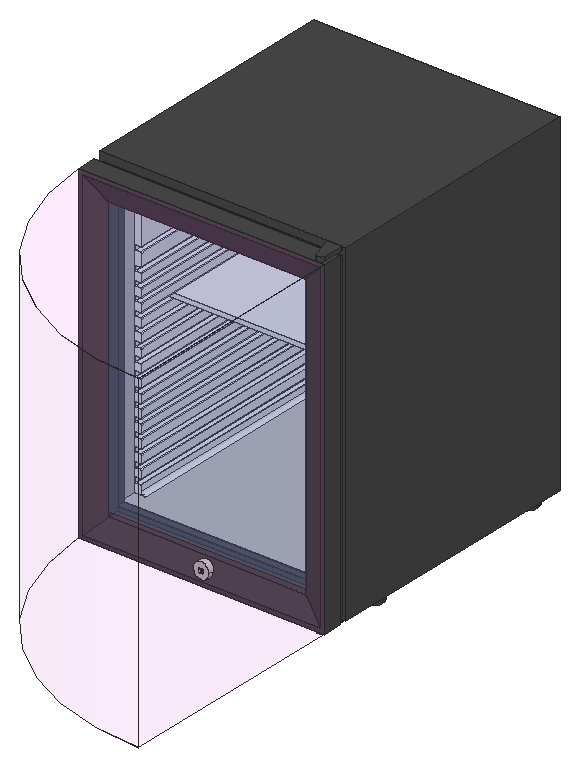
Revit family "Qf_Summit_MB27G_16 inches Wide Compact Minibar", category Specialty Equipment, Revit 2020 (continued)
Automatic sketch dimensions
  curve 39 to plane 7 "Center Y" = 1 15/16"
  curve 29 to curve 37 = 0"
  curve 36 to curve 29 = 0"
  curve 33 to curve 47 = 7/8"
  curve 49 to curve 46 = 0"
  plane 1 "BACK" to curve 43 = 3/8"
  curve 43 to curve 45 = 0"
  plane 7 "Center Y" to curve 45 = 1 1/16"
  curve 52 to curve 47 = 0"
  curve 41 to curve 45 = 0"
  curve 45 to curve 57 = 7/8"
  curve 55 to curve 57 = 0"
  curve 61 to curve 58 = 0"
  curve 62 to curve 64 = 2 1/8"
  plane 1 "BACK" to curve 53 = 3/8"
  curve 53 to curve 61 = 0"
  curve 60 to curve 55 = 0"
  curve 61 to curve 73 = 7/8"
  plane 1 "BACK" to curve 65 = 3/8"
  curve 53 to curve 65 = 7/8"
  curve 69 to curve 66 = 0"
  plane 4 "RIGHT" to curve 76 = 7/8"
  plane 4 "RIGHT" to curve 65 = 7/8"
  curve 71 to curve 73 = 0"
  plane 4 "RIGHT" to curve 7 = 1/2"
  curve 7 to curve 6 = 1/4"
  plane 4 "RIGHT" to curve 14 = 0.08678"
  curve 7 to plane 5 "FRONT" = 0.37489"
  curve 63 to curve 53 = 1.84584"
  plane 1 "BACK" to curve 27 = 2.22084"
  curve 75 to curve 65 = 1.84584"
  curve 51 to curve 62 = 0"
  curve 27 to curve 31 = 0"
  curve 31 to curve 32 = 3/16"
  curve 63 to curve 64 = 3/16"
  curve 50 to curve 50 = 3/16"
  curve 26 to curve 26 = 3/16"
  curve 75 to curve 76 = 3/16"
  curve 49 to curve 47 = 0.36042"
  curve 61 to curve 59 = 0.36042"
  curve 73 to curve 71 = 0.36042"
  curve 25 to curve 23 = 0.36042"
  curve 29 to curve 33 = 0.36042"
  curve 22 to curve 22 = 3/16"
  curve 58 to curve 58 = 3/16"
  curve 71 to curve 72 = 3/16"
  curve 46 to curve 46 = 3/16"
  curve 33 to curve 34 = 3/16"
  curve 45 to curve 41 = 0.36042"
  curve 57 to curve 55 = 0.36042"
  curve 35 to curve 37 = 0.36042"
  curve 69 to curve 67 = 0.36042"
  curve 21 to curve 17 = 0.36042"
  curve 17 to curve 20 = 3/16"
  plane 3 "LEFT" to curve 15 = 2.48432"
  plane 3 "LEFT" to curve 5 = 1/4"
  curve 16 to curve 6 = 0.90806"
  curve 16 to curve 77 = 0.14465"
  curve 16 to plane 5 "FRONT" = 0.30542"
  curve 16 to curve 7 = 0.24015"
  curve 16 to curve 7 = 0.0141"
  curve 10 to curve 9 = 1/4"
  plane 12 to curve 8 = 0.11563"
  curve 9 to curve 9 = 0.11652"
  radius of Blend 13 sketch curve = 9/16"
  radius of Blend 13 sketch curve = 1/2"
  radius of Extrusion 14 sketch curve to Blend 13 = 5/16"
  radius of Extrusion 14 sketch curve to Blend 13 = 7/16"
Connectors (in)
  electrical at (13.875, 0.05019, 1.625), driven by "Volts", driven by "Apparent Power"
    settings: on cut or joined group of Sweep 11, Extrusion 12, index 1, voltage 115 V, apparent load 46 VA, apparent load phase1 0 VA, apparent load phase2 0 VA, apparent load phase3 0 VA, power factor 1, load classification "Other", number of poles 1, system type 30, power factor state 1, is connector primary yes, connector utility no, sub classification motor no, connector description "Electrical Inlet"
